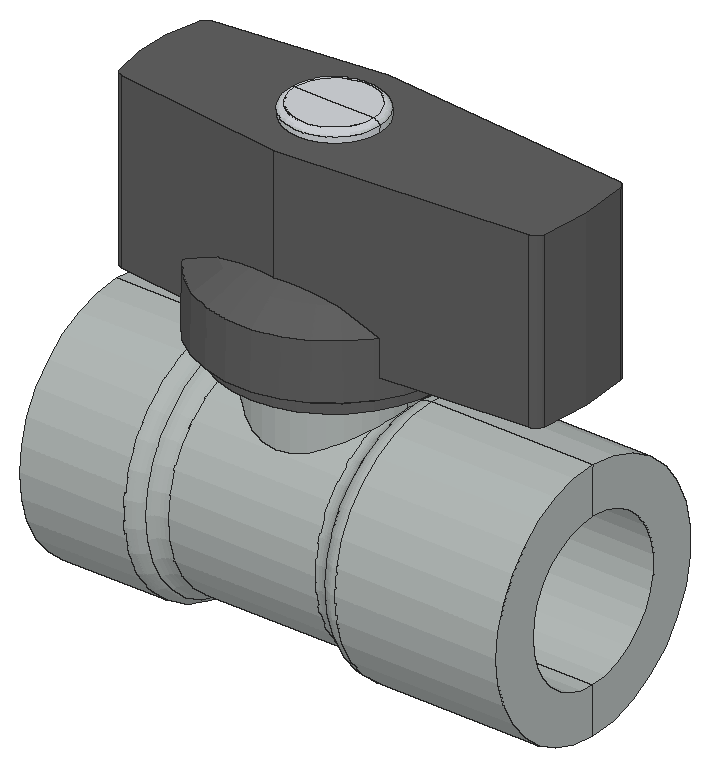
Revit family "QL10361015", category Apparecchi idraulici, Revit 2020
Family settings
  Quota connettore circolare = Usa diametro
  Tipo di parte = Normale
  Numero OmniClass = 23.45.00.00
  Titolo OmniClass = Sanitary, Laundry, and Cleaning Equipment
  Basato su piano di lavoro = No
  Sempre verticale = Sì
  Taglio con vuoti quando caricato = No
  Condiviso = No
  Punto di calcolo locali = No
Parameters
  URL = "https://web.cimberio.com/index.php/figura/46?subcategoria_id=47"
  Temperatura di esercizio = "-20 ÷ 95°C"
  Prospetto di default = 0 mm
  Produttore = "CIMBERIO SPA"
  Pressione nominale = "PN 20"
  Modello = "Cim 31"
  Materiale = "Prodotto in lega di ottone conforme alla norma EN 12165-CW617N-DW"
  Descrizione = "Utilizzato nei più svariati settori dell'impiantistica: impianti di riscaldamento, condizionamento, idrici, igienico-sanitari, aria compressa e in generale con ogni fluido non corrosivo"
  DN [instance] = 15 mm
  Commenti sul tipo = "Realizzato in ottemperanza ai requisiti gestionali della norma EN ISO 9001.\r\nCollaudato al 100% secondo la normativa EN 12266-1"
Reference planes
  plane 1 "Centro (Fronte/Retro)": y = 0
  plane 2: z = 0
  plane 3 "Centro (Sinistra/Destra)": x = 0
Forms (mm)
  Revolve 1, solid, material "Cim_Gomma"
    sketch origin (1.75, 0, -1.993) x (1, 0, 0) y (0, 0, 1)
      loop
        line (-13.65, 29.159) -> (-12.068, 28.245) -> (-12.068, 27.3) -> (-1.75, 27.3) -> (-1.75, 38.235)
        arc (-1.75, 38.235) -> (-7.968, 37.443) -> (-13.555, 34.603) r 18.326
        line (-13.555, 34.603) -> (-13.65, 29.159)
      axis (-1.75, 27.3) -> (-1.75, 38.235)
    angle from 0 to 360
  Revolve 2, solid
    sketch origin (1.75, 0, -1.986) x (1, 0, 0) y (0, 0, 1)
      loop
        line (-6.25, 48.586) -> (-6.25, 47.06) -> (-1.75, 47.06) -> (-1.75, 49.1) -> (-5.644, 49.1)
        arc (-5.644, 49.1) -> (-6.041, 48.954) -> (-6.25, 48.586) r 0.614
      axis (-1.75, 49.1) -> (-1.75, 47.06)
    angle from 0 to 360
  Extrusion 3, solid, material "Cim_Gomma"
    sketch origin (0, 0, 0) x (1, 0, 0) y (0, 1, 0)
      loop
        line (0.009, -7.501) -> (23.658, -5.5)
        arc (23.658, -5.5) -> (24.243, -5.247) -> (24.556, -4.691) r 1
        arc (24.556, -4.691) -> (25, 0) -> (24.556, 4.691) r 25
        arc (24.556, 4.691) -> (24.239, 5.25) -> (23.647, 5.501) r 1
        line (23.647, 5.501) -> (-0.625, 7.424) -> (-16.553, 5.495)
        arc (-16.553, 5.495) -> (-17.052, 5.275) -> (-17.344, 4.814) r 0.939
        arc (-17.344, 4.814) -> (-18, -0.037) -> (-17.324, -4.886) r 18
        arc (-17.324, -4.886) -> (-17.026, -5.352) -> (-16.52, -5.572) r 0.95
        line (-16.52, -5.572) -> (0.009, -7.501)
    from 29.1 to 46.1
  Revolve 4, solid, material "Cim_Lega di ottone"
    sketch origin (0, 0, 0) x (1, 0, 0) y (0, 0, 1)
      loop
        line (-21.5, 4.5) -> (-21.5, 0) -> (-11.228, 0)
        arc (-11.228, 0) -> (-10.358, 0.2) -> (-9.661, 0.758) r 2
        arc (-9.661, 0.758) -> (-8.942, 1.3) -> (-8.072, 1.5) r 2
        line (-8.072, 1.5) -> (6.472, 1.5)
        arc (6.472, 1.5) -> (7.342, 1.3) -> (8.039, 0.742) r 2
        arc (8.039, 0.742) -> (8.758, 0.2) -> (9.628, 0) r 2
        line (9.628, 0) -> (25.6, 0) -> (25.6, 4.5) -> (-21.5, 4.5)
      axis (-21.5, 12) -> (25.6, 12)
    angle from 0 to 360
  Revolve 5, solid, material "Cim_Lega di ottone"
    sketch origin (0, 0, 0) x (1, 0, 0) y (0, 0, 1)
      loop
        line (-7.25, 27.962) -> (-7.25, 18.764) -> (-1.821, 18.764) -> (-1.821, 27.962) -> (-7.25, 27.962)
      axis (0, 27.962) -> (0, 18.764)
    angle from 0 to 360
Dimensions and locks
  aligned and locked: level to plane 2
